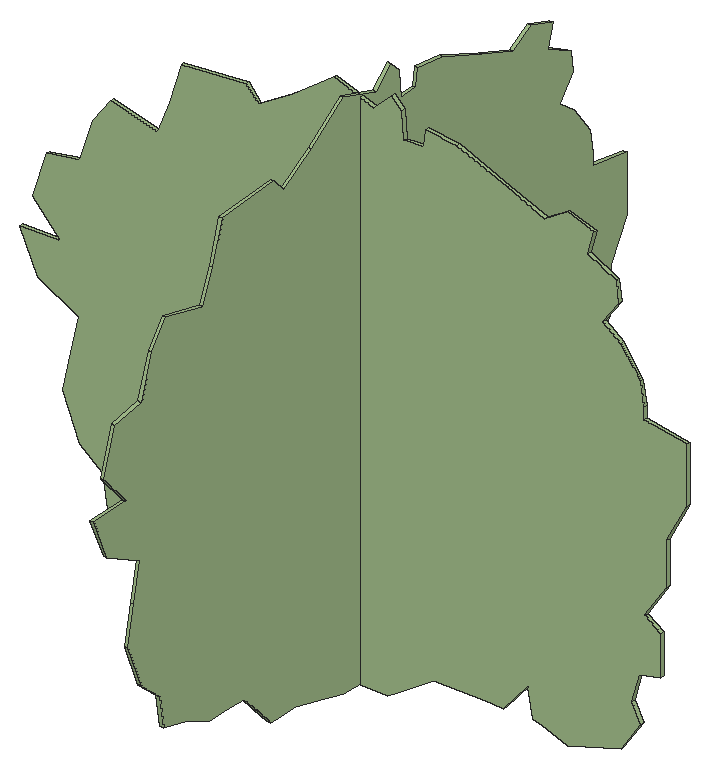
Revit family "L-PL낙엽관목_흰말채나무", category 수목, Revit 2019
Family settings
  OmniClass 번호 = 23.40.05.00
  OmniClass 제목 = Plants and Planting Products
  작업 기준면 기반 = 아니오
  항상 수직 = 예
  로드될 때 보이드를 사용하여 절단 = 아니오
  렌더 모양 소스 = 패밀리 형상
  공유 = 아니오
Parameters (values of type "흰말채나무")
  한국산업규격KS = ""
  조달청표준공사코드-세부공종 = "10161599202809"
  높이 = 1000 mm
  건설정보분류체계-부위분류 = "E985"
  LIM_INFO_주의사항 = "재배포, 재가공, 판매 금지"
  LIM_INFO_제작일 = "20211210"
  LIM_INFO_버전 = "2022_V01"
  LIM_INFO_PL_학명 = "Quercus myrsinaefolia Bl."
  LIM_INFO_PL_품명 = "가시나무"
  LIM_INFO_PL_주당인정수량 = 0
  LIM_INFO_PL_수목단위 = "주"
  LIM_INFO_PL_규격 = "5.0H X 18R"
  LIM_INFO_PL_구분 = "상록교목"
  LIM_INFO_PL_가격 = 0
  LIM_INFO_PL_Qty [instance] = 0
  LIM_INFO_PL_M2당수량 = 0
  KBIMS_식별-버전 = ""
  KBIMS_식별-bSK등록번호 = ""
  KBIMS_보급정보-저작자 = "림인포테크_MMJ"
  KBIMS_보급정보-보급코드 = ""
Reference planes
  plane 1 "중심(앞/뒤)": y = 0
  plane 2: z = 0
  plane 3 "중심(왼쪽/오른쪽)": x = 0
  plane 4: x = 482.5
  plane 5: x = -607.5
  plane 6: z = -545
  plane 7: z = -817.5
  plane 8: z = 5000
  plane 9: x = -100
  plane 10: x = 100
Dimensions and locks
  plane 4 to plane 5 = 1090 mm
  plane 6 to level = 545 mm
  plane 7 to plane 6 = 272.5 mm
  locked: level to plane 8 at 5000
  plane 9 to plane 10 = 200 mm
  aligned and locked: level to plane 2
Nested families
  nested 1: "흰말채나무_base" at (0, 0, 0), type "흰말채나무_base"
Definition of nested family "흰말채나무_base"
  Parameters (values of type "흰말채나무_base")
    Height = 6000 mm
  Reference planes
    plane 1 "중심(앞/뒤)": y = 0
    plane 2: z = 0
    plane 3 "중심(왼쪽/오른쪽)": x = 0
  Forms (mm)
    Revolve 1, solid, detail levels coarse
      sketch origin (0, 0, 0) x (1, 0, 0) y (0, 0, 1)
        loop
          line (0.01, 0) -> (0.01, 600) -> (-339.99, 600)
          arc (-339.99, 600) -> (-453.127, 553.137) -> (-499.99, 440) r 160
          line (-499.99, 440) -> (-499.99, 140)
          arc (-499.99, 140) -> (-476.558, 83.431) -> (-419.99, 60) r 80
          line (-419.99, 60) -> (-158.625, 60) -> (-158.625, 0) -> (0.01, 0)
        axis (0.01, 600) -> (0.01, 0)
      angle from 0 to 360
    Extrusion 2, solid, detail levels fine
      sketch origin (0, 0, 0) x (1, 0, 0) y (0, 0, 1)
        loop
          line (-321.069, 207.084) -> (-280.456, 189.866) -> (-248.98, 189.866) -> (-217.505, 189.866) -> (-193.137, 164.021) -> (-168.769, 138.176) -> (-159.667, 138.176) -> (-123.102, 138.176) -> (-102.714, 133.284) -> (-69.145, 125.231) -> (-53.897, 121.572) -> (-33.978, 116.793) -> (6.636, 116.793) -> (47.249, 116.793) -> (56.694, 122.802) -> (114.261, 159.419) -> (190.807, 159.419) -> (217.825, 159.419) -> (253.863, 200.685) -> (261.446, 161.52) -> (275.63, 156.203) -> (312.003, 142.569) -> (391.631, 167.837) -> (420.701, 209.347) -> (406.798, 234.615) -> (418.173, 273.78) -> (449.771, 281.36) -> (449.771, 339.821) -> (426.338, 355.805) -> (458.962, 403.633) -> (458.962, 466.679) -> (487.689, 521.029) -> (487.689, 603.524) -> (424.493, 613.631) -> (424.493, 630.055) -> (419.437, 662.903) -> (390.367, 702.068) -> (363.824, 722.282) -> (387.839, 753.867) -> (384.047, 782.925) -> (342.338, 804.402) -> (351.185, 835.987) -> (312.003, 848.621) -> (279.141, 828.407) -> (222.264, 849.884) -> (148.957, 878.942) -> (103.455, 883.996) -> (99.663, 859.991) -> (70.593, 858.728) -> (68.065, 896.629) -> (52.898, 911.79) -> (26.356, 886.522) -> (-33.049, 905.473) -> (-92.137, 862.518) -> (-143.959, 830.933) -> (-162.917, 851.148) -> (-257.712, 843.567) -> (-275.407, 786.715) -> (-293.102, 742.496) -> (-361.354, 758.92) -> (-387.897, 723.546) -> (-406.856, 665.43) -> (-456.149, 656.586) -> (-476.372, 593.417) -> (-435.926, 547.935) -> (-495.33, 546.671) -> (-470.052, 488.556) -> (-409.383, 456.971) -> (-420.759, 405.172) -> (-432.134, 352.11) -> (-406.856, 290.204) -> (-373.993, 262.409) -> (-366.41, 218.191) -> (-321.069, 207.084)
      from 0 to 5
    Extrusion 3, solid, detail levels fine
      sketch origin (0, 0, 0) x (0, 1, 0) y (0, 0, 1)
        loop
          line (-321.069, 207.084) -> (-280.456, 189.866) -> (-248.98, 189.866) -> (-217.505, 189.866) -> (-193.137, 164.021) -> (-168.769, 138.176) -> (-159.667, 138.176) -> (-123.102, 138.176) -> (-102.714, 133.284) -> (-69.145, 125.231) -> (-53.897, 121.572) -> (-33.978, 116.793) -> (6.636, 116.793) -> (47.249, 116.793) -> (56.694, 122.802) -> (114.261, 159.419) -> (190.807, 159.419) -> (217.825, 159.419) -> (253.863, 200.685) -> (261.446, 161.52) -> (275.63, 156.203) -> (312.003, 142.569) -> (391.631, 167.837) -> (420.701, 209.347) -> (406.798, 234.615) -> (418.173, 273.78) -> (449.771, 281.36) -> (449.771, 339.821) -> (426.338, 355.805) -> (458.962, 403.633) -> (458.962, 466.679) -> (487.689, 521.029) -> (487.689, 603.524) -> (424.493, 613.631) -> (424.493, 630.055) -> (419.437, 662.903) -> (390.367, 702.068) -> (363.824, 722.282) -> (387.839, 753.867) -> (384.047, 782.925) -> (342.338, 804.402) -> (351.185, 835.987) -> (312.003, 848.621) -> (279.141, 828.407) -> (222.264, 849.884) -> (148.957, 878.942) -> (103.455, 883.996) -> (99.663, 859.991) -> (70.593, 858.728) -> (68.065, 896.629) -> (52.898, 911.79) -> (26.356, 886.522) -> (-33.049, 905.473) -> (-92.137, 862.518) -> (-143.959, 830.933) -> (-162.917, 851.148) -> (-257.712, 843.567) -> (-275.407, 786.715) -> (-293.102, 742.496) -> (-361.354, 758.92) -> (-387.897, 723.546) -> (-406.856, 665.43) -> (-456.149, 656.586) -> (-476.372, 593.417) -> (-435.926, 547.935) -> (-495.33, 546.671) -> (-470.052, 488.556) -> (-409.383, 456.971) -> (-420.759, 405.172) -> (-432.134, 352.11) -> (-406.856, 290.204) -> (-373.993, 262.409) -> (-366.41, 218.191) -> (-321.069, 207.084)
      from 0 to 5
  Lines and regions (mm)
    symbolic lines
      curve 1: arc (317.3, 342.966, 0) -> (354.727, 295.614, 0) -> (387.619, 245.008, 0) r 652.725
      curve 2: arc (387.619, 245.008, 0) -> (213.565, 181.357, 0) -> (85.517, 47.379, 0) r 408.698
      curve 3: arc (85.517, 47.379, 0) -> (263.492, -17.659, 0) -> (450.446, 13.219, 0) r 372.707
      curve 4: arc (450.446, 13.219, 0) -> (445.786, -45.728, 0) -> (434.43, -103.758, 0) r 517.338
      curve 5: arc (434.43, -103.758, 0) -> (291.503, -44.282, 0) -> (137.542, -60.445, 0) r 313.52
      curve 6: arc (137.542, -60.445, 0) -> (185.502, -213.637, 0) -> (304.78, -321.066, 0) r 304.094
      curve 7: arc (304.78, -321.066, 0) -> (266.789, -351.52, 0) -> (225.505, -377.333, 0) r 416.538
      curve 8: arc (225.505, -377.333, 0) -> (151.506, -265.592, 0) -> (33.984, -201.169, 0) r 279.386
      curve 9: arc (33.984, -201.169, 0) -> (3.162, -317.988, 0) -> (0.859, -438.783, 0) r 506.926
      curve 10: arc (0.859, -438.783, 0) -> (-40.168, -436.411, 0) -> (-80.655, -429.361, 0) r 358.633
      curve 11: arc (-80.655, -429.361, 0) -> (-89.589, -331.058, 0) -> (-106.709, -233.845, 0) r 1179.799
      curve 12: arc (-106.709, -233.845, 0) -> (-182.109, -296.886, 0) -> (-239.429, -376.721, 0) r 391.44
      curve 13: line (-239.429, -376.721, 0) -> (-264.952, -362.689, 0)
      curve 14: arc (-264.952, -362.689, 0) -> (-227.64, -295.124, 0) -> (-244.534, -219.813, 0) r 108.794
      curve 15: arc (-244.534, -219.813, 0) -> (-324.284, -205.899, 0) -> (-399.661, -235.427, 0) r 150.102
      curve 16: arc (-399.661, -235.427, 0) -> (-413.729, -210.338, 0) -> (-418.887, -182.041, 0) r 87.36
      curve 17: arc (-418.887, -182.041, 0) -> (-277.037, -132.16, 0) -> (-162.537, -34.695, 0) r 411.939
      curve 18: arc (-162.537, -34.695, 0) -> (-236.736, 14.189, 0) -> (-320.467, 43.928, 0) r 369.176
      curve 19: arc (-320.467, 43.928, 0) -> (-393.538, 39.577, 0) -> (-463.87, 19.284, 0) r 331.283
      curve 20: arc (-463.87, 19.284, 0) -> (-459.808, 85.83, 0) -> (-443.845, 150.561, 0) r 369.19
      curve 21: arc (-443.845, 150.561, 0) -> (-334.954, 124.225, 0) -> (-227.482, 155.859, 0) r 216.441
      curve 22: arc (-227.482, 155.859, 0) -> (-253.175, 257.262, 0) -> (-321.183, 336.745, 0) r 229.615
      curve 23: arc (-321.183, 336.745, 0) -> (-273.907, 375.046, 0) -> (-223.395, 408.967, 0) r 679.874
      curve 24: arc (-223.395, 408.967, 0) -> (-149.072, 250.743, 0) -> (-20.326, 132.493, 0) r 452.55
      curve 25: arc (-20.326, 132.493, 0) -> (13.18, 303.684, 0) -> (-11.647, 476.348, 0) r 521.484
      curve 26: arc (-11.647, 476.348, 0) -> (63.188, 473.294, 0) -> (135.955, 455.557, 0) r 378.304
      curve 27: arc (135.955, 455.557, 0) -> (121.633, 374.906, 0) -> (141.228, 295.37, 0) r 197.732
      curve 28: arc (141.228, 295.37, 0) -> (236.594, 292.053, 0) -> (317.3, 342.966, 0) r 162.093
      curve 29: circle (0, 0, 0) r 33.33 normal (0, 0, 1)
      curve 30: arc (186.703, 347.673, 0) -> (188.012, 419.927, 0) -> (225.955, 481.429, 0) r 136.781
      curve 31: arc (225.955, 481.429, 0) -> (68.569, 534.078, 0) -> (-97.118, 524.576, 0) r 439.255
      curve 32: arc (-97.118, 524.576, 0) -> (-52.451, 383.475, 0) -> (-54.847, 235.492, 0) r 460.533
      curve 33: arc (-54.847, 235.492, 0) -> (-141.246, 357.504, 0) -> (-175.622, 503.002, 0) r 391.599
      curve 34: arc (-175.622, 503.002, 0) -> (-310.798, 423.571, 0) -> (-426.231, 317.471, 0) r 740.825
      curve 35: arc (-426.231, 317.471, 0) -> (-341.419, 274.428, 0) -> (-293.378, 192.345, 0) r 168.664
      curve 36: arc (-293.378, 192.345, 0) -> (-388.434, 192.765, 0) -> (-465.483, 248.436, 0) r 155.49
      curve 37: arc (-465.483, 248.436, 0) -> (-520.936, 89.009, 0) -> (-510.774, -79.481, 0) r 430.141
      curve 38: arc (-510.774, -79.481, 0) -> (-379.366, -19.861, 0) -> (-236.01, -36.334, 0) r 270.332
      curve 39: arc (-236.01, -36.334, 0) -> (-355.011, -113.752, 0) -> (-492.657, -148.516, 0) r 432.957
      curve 40: arc (-492.657, -148.516, 0) -> (-453.363, -240.886, 0) -> (-393.018, -321.103, 0) r 414.524
      curve 41: arc (-393.018, -321.103, 0) -> (-353.945, -245.89, 0) -> (-269.223, -243.439, 0) r 83.633
      curve 42: arc (-269.223, -243.439, 0) -> (-279.463, -322.697, 0) -> (-347.727, -364.25, 0) r 92.294
      curve 43: arc (-347.727, -364.25, 0) -> (-291.58, -409.677, 0) -> (-226.952, -441.914, 0) r 332.634
      curve 44: arc (-226.952, -441.914, 0) -> (-192.024, -357.845, 0) -> (-130.332, -290.9, 0) r 260.834
      curve 45: arc (-130.332, -290.9, 0) -> (-129.852, -381.767, 0) -> (-169.584, -463.488, 0) r 200.225
      curve 46: arc (-169.584, -463.488, 0) -> (-51.047, -496.492, 0) -> (71.967, -493.691, 0) r 419.584
      curve 47: arc (71.967, -493.691, 0) -> (59.258, -387.981, 0) -> (71.967, -282.271, 0) r 445.975
      curve 48: arc (71.967, -282.271, 0) -> (149.688, -358.86, 0) -> (180.665, -463.488, 0) r 218.435
      curve 49: arc (180.665, -463.488, 0) -> (310.308, -395.242, 0) -> (413.157, -290.9, 0) r 477.489
      curve 50: arc (413.157, -290.9, 0) -> (279.733, -230.986, 0) -> (204.82, -105.369, 0) r 243.143
      curve 51: arc (204.82, -105.369, 0) -> (348.408, -123.535, 0) -> (458.448, -217.551, 0) r 252.569
      curve 52: arc (458.448, -217.551, 0) -> (506.353, -52.677, 0) -> (503.738, 118.995, 0) r 578.289
      curve 53: arc (503.738, 118.995, 0) -> (346.678, 45.457, 0) -> (174.626, 67.219, 0) r 311.756
      curve 54: arc (174.626, 67.219, 0) -> (315.319, 164.991, 0) -> (485.622, 183.715, 0) r 347.747
      curve 55: arc (485.622, 183.715, 0) -> (406.1, 328.555, 0) -> (295.401, 451.226, 0) r 713.675
      curve 56: arc (295.401, 451.226, 0) -> (264.059, 375.3, 0) -> (186.703, 347.673, 0) r 101.142
  Dimensions and locks
    aligned and locked: level to plane 2
